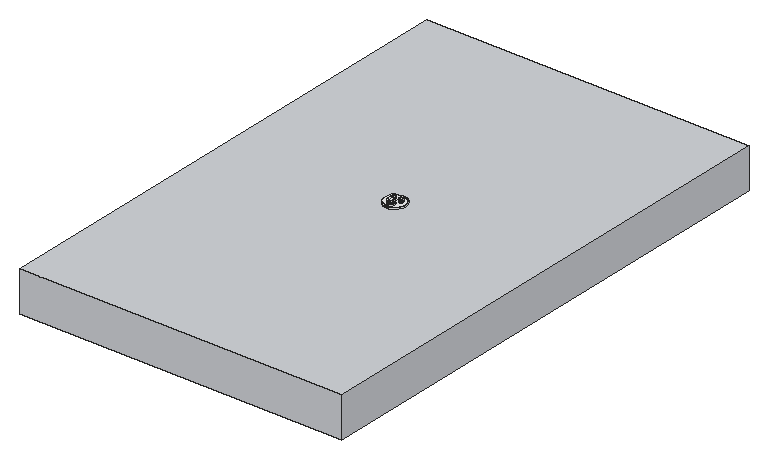
Revit family "Thermostatic_Trim-GROHE-GrohTherm_SmartControl-29137_Series", category Plumbing Fixtures, host Face, Revit 2018 (continued)
Automatic sketch dimensions
  Extrusion 12 sketch curve to Extrusion 12 sketch curve = 0.10204"
  Extrusion 12 sketch curve to Extrusion 12 sketch curve = 0.09828"
  Extrusion 12 sketch curve to Extrusion 12 sketch curve = 0.09622"
  Extrusion 12 sketch curve to Extrusion 12 sketch curve = 0.09109"
  Extrusion 12 sketch curve to Extrusion 12 sketch curve = 0.08844"
  Extrusion 12 sketch curve to Extrusion 12 sketch curve = 0.08214"
  Extrusion 12 sketch curve to Extrusion 12 sketch curve = 0.07896"
  Extrusion 12 sketch curve to plane 15 = 0.02955"
  Extrusion 12 sketch curve to Extrusion 12 sketch curve = 0.07152"
  Extrusion 12 sketch curve to Extrusion 12 sketch curve = 0.06787"
  plane 15 to Extrusion 12 sketch curve = 0.06026"
  Extrusion 12 sketch curve to Extrusion 12 sketch curve = 0.05953"
  Extrusion 12 sketch curve to Extrusion 12 sketch curve = 0.05547"
  Extrusion 12 sketch curve to Extrusion 12 sketch curve = 0.04633"
  Extrusion 12 sketch curve to Extrusion 12 sketch curve = 0.04195"
  Extrusion 12 sketch curve to Extrusion 12 sketch curve = 0.03224"
  Extrusion 12 sketch curve to Extrusion 12 sketch curve = 0.02762"
  plane 16 to Extrusion 12 sketch curve = 0.07089"
  Extrusion 12 sketch curve to Extrusion 12 sketch curve = 0.01749"
  Extrusion 12 sketch curve to plane 16 = 0.03684"
  Extrusion 12 sketch curve to Extrusion 12 sketch curve = 0.01273"
  plane 1 "Center (Front/Back)" to Extrusion 12 sketch curve = 0.05717"
  plane 1 "Center (Front/Back)" to Extrusion 12 sketch curve = 0.07147"
  plane 1 "Center (Front/Back)" to Extrusion 12 sketch curve = 0.10598"
  Extrusion 12 sketch curve to Extrusion 12 sketch curve = 0.03974"
  Extrusion 12 sketch curve to Extrusion 12 sketch curve = 0.0485"
  Extrusion 12 sketch curve to Extrusion 12 sketch curve = 0.05339"
  Extrusion 12 sketch curve to Extrusion 12 sketch curve = 0.0615"
  Extrusion 12 sketch curve to Extrusion 12 sketch curve = 0.06601"
  Extrusion 12 sketch curve to Extrusion 12 sketch curve = 0.07332"
  Extrusion 12 sketch curve to Extrusion 12 sketch curve = 0.07728"
  Extrusion 12 sketch curve to Extrusion 12 sketch curve = 0.08365"
  Extrusion 12 sketch curve to Extrusion 12 sketch curve = 0.08707"
  Extrusion 12 sketch curve to Extrusion 12 sketch curve = 0.09237"
  Extrusion 12 sketch curve to Extrusion 12 sketch curve = 0.09509"
  Extrusion 12 sketch curve to Extrusion 12 sketch curve = 0.09921"
  Extrusion 12 sketch curve to Extrusion 12 sketch curve = 0.10128"
  Extrusion 12 sketch curve to Extrusion 12 sketch curve = 0.10696"
  Extrusion 12 sketch curve to plane 16 = 0.10479"
  Extrusion 12 sketch curve to Extrusion 12 sketch curve = 0.10742"
  Extrusion 12 sketch curve to Extrusion 12 sketch curve = 0.10629"
  Extrusion 12 sketch curve to Extrusion 12 sketch curve = 0.10528"
  Extrusion 12 sketch curve to Extrusion 12 sketch curve = 0.09725"
  Extrusion 12 sketch curve to Extrusion 12 sketch curve = 0.10098"
  Extrusion 12 sketch curve to plane 15 = 0.06025"
  Extrusion 12 sketch curve to Extrusion 12 sketch curve = 0.08055"
  Extrusion 12 sketch curve to Extrusion 12 sketch curve = 0.07677"
  Extrusion 12 sketch curve to Extrusion 12 sketch curve = 0.06973"
  Extrusion 12 sketch curve to Extrusion 12 sketch curve = 0.06538"
  Extrusion 12 sketch curve to Extrusion 12 sketch curve = 0.0575"
  Extrusion 12 sketch curve to Extrusion 12 sketch curve = 0.05274"
  Extrusion 12 sketch curve to Extrusion 12 sketch curve = 0.00902"
  Extrusion 12 sketch curve to Extrusion 12 sketch curve = 0.01532"
  Extrusion 12 sketch curve to Extrusion 12 sketch curve = 0.04417"
  Extrusion 12 sketch curve to Extrusion 12 sketch curve = 0.03902"
  Extrusion 12 sketch curve to Extrusion 12 sketch curve = 0.02993"
  Extrusion 12 sketch curve to Extrusion 12 sketch curve = 0.04706"
  Extrusion 12 sketch curve to plane 16 = 0.04175"
  Extrusion 12 sketch curve to Extrusion 12 sketch curve = 0.13513"
  plane 16 to Extrusion 12 sketch curve = 0.04616"
  Extrusion 12 sketch curve to Extrusion 12 sketch curve = 0.01203"
  Extrusion 12 sketch curve to Extrusion 12 sketch curve = 0.01264"
  Extrusion 12 sketch curve to Extrusion 12 sketch curve = 0.02412"
  Extrusion 12 sketch curve to Extrusion 12 sketch curve = 0.02473"
  Extrusion 12 sketch curve to Extrusion 12 sketch curve = 0.03575"
  Extrusion 12 sketch curve to Extrusion 12 sketch curve = 0.03631"
  Extrusion 12 sketch curve to Extrusion 12 sketch curve = 0.04666"
  plane 15 to Extrusion 12 sketch curve = 0.06575"
  Extrusion 12 sketch curve to Extrusion 12 sketch curve = 0.05666"
  Extrusion 12 sketch curve to plane 15 = 0.00107"
  Extrusion 12 sketch curve to Extrusion 12 sketch curve = 0.06552"
  Extrusion 12 sketch curve to plane 15 = 0.05921"
  Extrusion 12 sketch curve to Extrusion 12 sketch curve = 0.0731"
  Extrusion 12 sketch curve to Extrusion 12 sketch curve = 0.07344"
  Extrusion 12 sketch curve to Extrusion 12 sketch curve = 0.07923"
  Extrusion 12 sketch curve to Extrusion 12 sketch curve = 0.0795"
  Extrusion 12 sketch curve to Extrusion 12 sketch curve = 0.08379"
  Extrusion 12 sketch curve to Extrusion 12 sketch curve = 0.08398"
  Extrusion 12 sketch curve to Extrusion 12 sketch curve = 0.07065"
  Extrusion 12 sketch curve to Extrusion 12 sketch curve = 0.08669"
  Extrusion 12 sketch curve to Extrusion 12 sketch curve = 0.07178"
  Extrusion 12 sketch curve to Extrusion 12 sketch curve = 0.08788"
  Extrusion 12 sketch curve to Extrusion 12 sketch curve = 0.08769"
  Extrusion 12 sketch curve to Extrusion 12 sketch curve = 0.08733"
  Extrusion 12 sketch curve to Extrusion 12 sketch curve = 0.08596"
  Extrusion 12 sketch curve to Extrusion 12 sketch curve = 0.08505"
  Extrusion 12 sketch curve to Extrusion 12 sketch curve = 0.08252"
  Extrusion 12 sketch curve to Extrusion 12 sketch curve = 0.08109"
  Extrusion 12 sketch curve to Extrusion 12 sketch curve = 0.07745"
  Extrusion 12 sketch curve to Extrusion 12 sketch curve = 0.07552"
  Extrusion 12 sketch curve to plane 15 = 0.03897"
  Extrusion 12 sketch curve to Extrusion 12 sketch curve = 0.06847"
  plane 15 to Extrusion 12 sketch curve = 0.0225"
  Extrusion 12 sketch curve to Extrusion 12 sketch curve = 0.06005"
  Extrusion 12 sketch curve to Extrusion 12 sketch curve = 0.05361"
  Extrusion 12 sketch curve to Extrusion 12 sketch curve = 0.05045"
  Extrusion 12 sketch curve to Extrusion 12 sketch curve = 0.04329"
  Extrusion 12 sketch curve to Extrusion 12 sketch curve = 0.03984"
  Extrusion 12 sketch curve to Extrusion 12 sketch curve = 0.03214"
  Extrusion 12 sketch curve to Extrusion 12 sketch curve = 0.02846"
  Extrusion 12 sketch curve to Extrusion 12 sketch curve = 0.02033"
  Extrusion 12 sketch curve to plane 16 = 0.07388"
  curve 46 to curve 51 = 0"  (x2)
  curve 76 to curve 77 = 0"  (x2)
  plane 11 to curve 6 = 0"
  curve 53 to plane 4 = 0"
  curve 77 to plane 17 = 0"
  curve 14 to plane 3 "Center (Left/Right)" = 0"
  curve 6 to plane 10 = 0"
  curve 54 to plane 17 = 5/8"
  curve 53 to curve 54 = 0.09198"
  curve 4 to curve 56 = 0.29804"
  plane 5 to curve 55 = 0.42702"
  plane 6 to curve 5 = 0.42702"
  curve 25 to curve 30 = 0.09198"
  curve 26 to curve 50 = 0.01739"
  plane 6 to curve 46 = 1.05202"
  curve 30 to plane 7 = 0.51937"
  curve 51 to curve 30 = 1.04866"
  curve 24 to plane 7 = 0.57247"
  curve 24 to curve 24 = 0.09198"
  curve 76 to level = 2.45352"
  curve 51 to curve 76 = 0"
  curve 55 to plane 7 = 0.57247"
  curve 55 to curve 56 = 0.0531"
  curve 14 to plane 7 = 0.51937"
  curve 57 to curve 75 = 0.07776"
  curve 75 to curve 74 = 0.07815"
  curve 74 to curve 73 = 0.07815"
  curve 73 to curve 72 = 0.07815"
  curve 72 to curve 71 = 0.07815"
  curve 71 to curve 70 = 0.07815"
  curve 70 to curve 69 = 0.07815"
  curve 68 to plane 17 = 0.0002"
  plane 17 to curve 67 = 0.07795"
  curve 67 to curve 66 = 0.07815"
  curve 66 to curve 65 = 0.07815"
  curve 3 to curve 4 = 0"  (x2)
  curve 65 to curve 76 = 0.00072"
  curve 76 to curve 82 = 0.0138"
  curve 65 to curve 64 = 0.07815"
  curve 82 to curve 81 = 0.07815"
  curve 2 to plane 7 = 0.02601"
  curve 81 to curve 2 = 0.02482"
  curve 64 to curve 63 = 0.07815"
  curve 81 to curve 80 = 0.07815"
  curve 63 to curve 62 = 0.07815"
  curve 80 to curve 79 = 0.07815"
  curve 76 to curve 56 = 0.01739"
  curve 62 to curve 61 = 0.07815"
  curve 77 to curve 78 = 0.02835"
  curve 78 to curve 7 = 0.07815"
  curve 7 to curve 8 = 0.07815"
  curve 8 to curve 9 = 0.07815"
  curve 9 to curve 10 = 0.07815"
  curve 10 to curve 22 = 0.07815"
  plane 5 to curve 94 = 0.0999"
  plane 5 to curve 93 = 0.02176"
  plane 5 to curve 21 = 0.02176"
  curve 92 to plane 5 = 0.05639"
  curve 20 to plane 5 = 0.05639"
  curve 91 to plane 3 "Center (Left/Right)" = 0.01621"
  curve 19 to plane 3 "Center (Left/Right)" = 0.01621"
  plane 3 "Center (Left/Right)" to curve 90 = 0.06194"
  plane 3 "Center (Left/Right)" to curve 18 = 0.06194"
  curve 17 to plane 6 = 0.01066"
  curve 89 to plane 6 = 0.01066"
  plane 6 to curve 88 = 0.06749"
  plane 6 to curve 16 = 0.06749"
  curve 16 to curve 15 = 0.07815"
  curve 15 to curve 87 = 0"
  curve 87 to curve 11 = 0.07815"
  curve 11 to curve 12 = 0.07815"
  curve 13 to curve 85 = 0.04693"
  curve 52 to curve 50 = 0.07815"
  curve 28 to curve 31 = 0.07815"
  curve 31 to curve 32 = 0.07815"
  curve 50 to curve 49 = 0.07815"
  curve 32 to curve 33 = 0.07815"
  curve 49 to curve 48 = 0.07815"
  curve 48 to curve 2 = 0.0076"
  curve 33 to curve 34 = 0.07815"
  curve 48 to curve 47 = 0.07815"
  curve 47 to curve 4 = 0.04621"
  curve 47 to curve 46 = 0.04621"
  curve 34 to curve 35 = 0.07815"
  curve 35 to curve 36 = 0.07815"
  curve 36 to curve 37 = 0.07815"
  curve 37 to curve 38 = 0.07815"
  curve 38 to curve 39 = 0.07815"
  curve 39 to curve 40 = 0.07815"
  curve 40 to curve 41 = 0.07815"
  curve 41 to curve 42 = 0.07815"
  curve 42 to curve 43 = 0.07815"
  curve 43 to curve 44 = 0.07815"
  curve 45 to curve 28 = 0.07776"
  curve 6 to plane 4 = 0.09472"
  plane 4 to curve 42 = 0.15091"
  plane 4 to curve 75 = 0.15091"
  curve 27 to curve 83 = 0.17623"
  curve 83 to curve 84 = 0.03589"
  curve 84 to curve 94 = 0.09136"
  curve 91 to curve 91 = 0.03618"
  curve 40 to curve 24 = 0.10564"
  curve 75 to curve 53 = 0.05253"
  curve 17 to curve 17 = 0.06803"
  curve 4 to curve 3 = 0.03991"
  Revolve 3 sketch curve to plane 13 = 0"  (x3)
  Revolve 3 sketch curve to plane 7 = 0"
  Revolve 3 sketch curve to plane 14 = 0"  (x3)
  Revolve 3 sketch curve to Revolve 3 sketch curve = 0.05807"
  Revolve 3 sketch curve to plane 7 = 0.02601"
  Revolve 3 sketch curve to Revolve 3 sketch curve = 0.11672"
  Revolve 3 sketch curve to plane 4 = 0.09472"
  plane 4 to Revolve 3 sketch curve = 0.32714"
  Revolve 3 sketch curve to Revolve 3 sketch curve = 0.03589"
  plane 4 to Revolve 3 sketch curve = 0.4544"
  Revolve 3 sketch curve to Revolve 3 sketch curve = 0.18269"
  Revolve 3 sketch curve to Revolve 3 sketch curve = 0.03996"
  Revolve 3 sketch curve to Revolve 3 sketch curve = 0.32959"
  Revolve 3 sketch curve to Revolve 3 sketch curve = 0.15336"
  Revolve 5 sketch curve to plane 16 = 0"  (x3)
  Revolve 5 sketch curve to plane 7 = 0"
  Revolve 5 sketch curve to plane 1 "Center (Front/Back)" = 0.27948"
  Revolve 5 sketch curve to plane 1 "Center (Front/Back)" = 3/16"
  Revolve 5 sketch curve to Revolve 5 sketch curve = 0.09198"
  Revolve 5 sketch curve to Revolve 5 sketch curve = 0.48227"
  Revolve 5 sketch curve to Revolve 5 sketch curve = 0.0371"
  Revolve 5 sketch curve to Revolve 5 sketch curve = 0.0531"
  Revolve 5 sketch curve to Revolve 5 sketch curve = 0.14274"
  plane 4 to Revolve 5 sketch curve = 0.15091"
  Revolve 5 sketch curve to plane 4 = 0.09472"
  plane 7 to Revolve 5 sketch curve = 0.26429"
  Masking region 1 sketch curve to level = 0"
  plane 11 to Masking region 1 sketch curve = 0"
  Masking region 1 sketch curve to plane 4 = 0"  (x2)
  Masking region 1 sketch curve to plane 17 = 0"
  Masking region 1 sketch curve to plane 3 "Center (Left/Right)" = 0"
  Masking region 1 sketch curve to plane 10 = 0"
  Masking region 1 sketch curve to plane 11 = 0.09472"
  Masking region 1 sketch curve to plane 17 = 5/8"
  Masking region 1 sketch curve to Masking region 1 sketch curve = 0.09198"  (x2)
  plane 17 to Masking region 1 sketch curve = 0.23498"
  Masking region 1 sketch curve to plane 7 = 0.02601"  (x2)
  Masking region 1 sketch curve to Masking region 1 sketch curve = 0.11676"  (x2)
  plane 6 to Masking region 1 sketch curve = 1.05202"
  Masking region 1 sketch curve to plane 7 = 0.51937"
  Masking region 1 sketch curve to Masking region 1 sketch curve = 0.768"
  Masking region 1 sketch curve to plane 10 = 0.09472"
  Masking region 1 sketch curve to level = 2.45352"
  Masking region 1 sketch curve to Masking region 1 sketch curve = 0"
  Masking region 1 sketch curve to Masking region 1 sketch curve = 9.67529"
  Masking region 1 sketch curve to plane 4 = 0.09472"  (x2)
  Masking region 1 sketch curve to Masking region 1 sketch curve = 0.0531"  (x2)
  Masking region 1 sketch curve to plane 7 = 0.57247"
  Masking region 1 sketch curve to plane 7 = 0.14277"  (x2)
  Revolve 11 sketch curve to plane 16 = 0"  (x3)
  Revolve 11 sketch curve to plane 7 = 0"
  Revolve 11 sketch curve to plane 1 "Center (Front/Back)" = 0.27948"
  Revolve 11 sketch curve to plane 1 "Center (Front/Back)" = 3/16"
  Revolve 11 sketch curve to Revolve 11 sketch curve = 0.09198"
  Revolve 11 sketch curve to Revolve 11 sketch curve = 0.48227"
  Revolve 11 sketch curve to Revolve 11 sketch curve = 0.0371"
  Revolve 11 sketch curve to Revolve 11 sketch curve = 0.0531"
  Revolve 11 sketch curve to Revolve 11 sketch curve = 0.14274"
  plane 4 to Revolve 11 sketch curve = 0.15091"
  Revolve 11 sketch curve to plane 4 = 0.09472"
  plane 7 to Revolve 11 sketch curve = 0.26429"
  Revolve 13 sketch curve to level = 0"
  Revolve 13 sketch curve to plane 1 "Center (Front/Back)" = 0"  (x2)
  Revolve 13 sketch curve to plane 4 = 0"
  Revolve 13 sketch curve to plane 9 = 0"
  Revolve 13 sketch curve to plane 9 = 0.09472"
  Revolve 13 sketch curve to plane 4 = 0.09472"
  plane 7 to Revolve 13 sketch curve = 0.08267"
  Revolve 13 sketch curve to Revolve 13 sketch curve = 0.31069"
  radius of Extrusion 9 sketch curve = 0.30299"
Connectors (in)
  piping at (-0.81362, 0, 0), diameter 0.5, driven by "Hot Water Connection Diameter", driven by "HWFU"
    settings: on Extrusion 2, index 1, connector inside diameter 24", connector length 0", flow factor 0, pipe flow 0 GPM, pressure drop 0.00 psi, fitting loss kfactor 0, connector angle 0.00°, fixture units 3, engagement length 0", angle of deflection 0.00°, flow configuration 3, flow direction 1, fitting loss method 0, system type 19, joint type 0, gender type 0, connector reference index -1, connector utility 0, adjustable connector no, is connector primary yes, connector description "1/2\" NPT HW Inlet"
  piping at (0.81362, 0, 0), diameter 0.5, driven by "Cold Water Connection Diameter", driven by "CWFU"
    settings: on Extrusion 2, index 2, connector inside diameter 24", connector length 0", flow factor 0, pipe flow 0 GPM, pressure drop 0.00 psi, fitting loss kfactor 0, connector angle 0.00°, fixture units 3, engagement length 0", angle of deflection 0.00°, flow configuration 3, flow direction 1, fitting loss method 0, system type 20, joint type 0, gender type 0, connector reference index -1, connector utility 0, adjustable connector no, is connector primary no, connector description "1/2\" NPT CW Inlet"
Types (5): name | Product Page URL | Model | Material | Finish
  29137000 | "https://www.grohe.us/Thermostatic-Valves-Trims/Dual-Function-Thermostatic-Valve-Trim/GROHE-CHROME-29137000" | "29137000" | "Metal-Grohe-000-StarLight Chrome" | Metal-Grohe-000-StarLight Chrome
  29137EN0 | "https://www.grohe.us/Thermostatic-Valves-Trims/Dual-Function-Thermostatic-Valve-Trim/GROHE-BRUSHED-NICKEL-29137EN0" | "29137EN0" | "Metal-Grohe-EN0-Brushed Nickel Infinity Finish" | Metal-Grohe-EN0-Brushed Nickel Infinity Finish
  29137A00 | "https://www.grohe.us/Thermostatic-Valves-Trims/Dual-Function-Thermostatic-Valve-Trim/GROHE-HARD-GRAPHITE-29137A00" | "29137A00" | "Metal-Grohe-A00-Hard Graphite" | Metal-Grohe-A00-Hard Graphite
  29137BE0 | "https://www.grohe.us/Thermostatic-Valves-Trims/Dual-Function-Thermostatic-Valve-Trim/GROHE-POLISHED-NICKEL-29137BE0" | "29137BE0" | "Metal-Grohe-BE0-Polished Nickel Infinity Finish" | Metal-Grohe-BE0-Polished Nickel Infinity Finish
  29137GN0 | "https://www.grohe.us/Thermostatic-Valves-Trims/Dual-Function-Thermostatic-Valve-Trim/GROHE-BRUSHED-COOL-SUNRISE-29137GN0" | "29137GN0" | "Metal-Grohe-GN0-Brushed Cool Sunrise" | Metal-Grohe-GN0-Brushed Cool Sunrise
